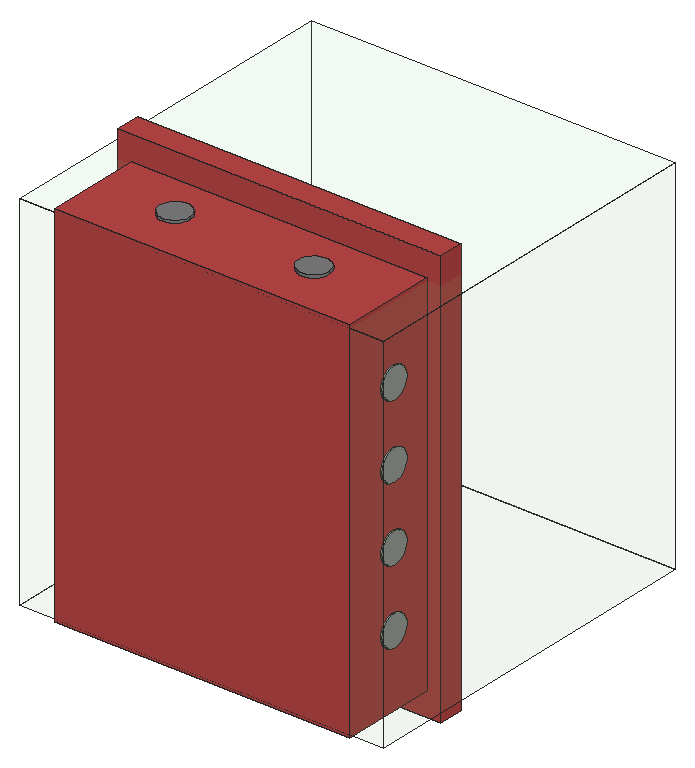
Revit family "ZETA_Коробка_Клемная_КЗНС-32", category Электрические приборы, Revit 2021
Family settings
  Сохранять ориентацию аннотаций = Нет
  Размер круглого соединителя = Использовать диаметр
  Тип детали = Нормальный
  На основе рабочей плоскости = Да
  Всегда вертикально = Да
  При загрузке вырезать с полостями = Нет
  Общий = Нет
  Точка принадлежности помещению = Да
Parameters (values of type "32_IP65")
  Угол_Размещение [instance] = if(Потолочное размещение, -90.00°, 0.00°)  # 0.00°
  УГО_Смещение_Y [instance] = 0 mm
  УГО_Смещение_X [instance] = 0 mm
  УГО_Длина = 10 mm
  УГО_Высота = 5 mm
  Default Elevation = 1219.2 mm
  Описание = "Коробки клеммные с наборными зажимами КЗНС с латунными кабельными\r\nвводами применяются для соединения и разветвления вторичных и силовых\r\nэлектрических цепей, выполняемых контрольными кабелями с числом жил до 52 и\r\nсиловыми кабелями с алюминиевыми или медными жилами сечением 1,5—4 мм2."
  Использовать масштаб аннотаций = 0
  Температура эксплуатации = "от -40 до +60 °С"  # constant formula
  Сечение жил = "до 4 мм2"  # constant formula
  Сертификат = "RU C-RU.АД84.В.00192/20"  # constant formula
  Потолочное размещение [instance] = no
  Питание через наконечники [instance] = yes
  Отверстие2_Привязка = 35 mm
  Отверстие1_Привязка = 35 mm
  Номинальный ток = "до 25А"  # constant formula
  Номинал MCB [instance] = 1 A
  МеталическаяЗаглушка_Привязка = 100 mm
  Материал корпуса = Zeta_Сталь оцинкованная
  Маркировка типоразмера = ""
  Марка = "1"
  КрышкаОснование_Ширина = ADSK_Размер_Ширина * 0.74286  # 197.6 mm
  КрышкаОснование_Длина = ADSK_Размер_Длина * 0.7907  # 272.791 mm
  КрышкаВерх_Ширина = ADSK_Размер_Ширина * 0.51429  # 136.8 mm
  КрышкаВерх_Длина = ADSK_Размер_Длина * 0.60465  # 208.605 mm
  Крышка_Ширина = ADSK_Размер_Ширина * 2.292  # 609.672 mm
  Крышка_Длина = ADSK_Размер_Длина * 2.6791  # 924.279 mm
  Крышка_Высота = 16 mm
  Крепления_Ширина = ADSK_Размер_Ширина * 0.33143  # 88.16 mm
  Крепления_Длина = ADSK_Размер_Длина * 1.1116  # 383.512 mm
  Корпус_Ширина = ADSK_Размер_Ширина * 0.89143  # 237.12 mm
  Корпус_Длина = ADSK_Размер_Длина * 0.91163  # 314.512 mm
  Корпус_Высота = 71 mm
  Комментарии = "https://nzeta.ru/catalog/?q=zeta30357"
  Количество зажимов = 10  # constant formula
  Климатическое исполнение = "УХЛ1,5"
  Изображение = 0
  Изготовитель = "АО «ЗЭТА»"  # constant formula
  Изготавливается по = "ТУ 27.33.13.120-047-99856433-2020"  # constant formula
  Активные наконечники [instance] = yes
  URL = "https://nzeta.ru/"
  D3 = 40 mm
  D2 = 32 mm
  D1 = 25 mm
  В_УГО_Смещение_Y [instance] = УГО_Смещение_Y + 2000 mm  # 2000 mm
  В_УГО_Смещение_X [instance] = УГО_Смещение_X + 2000 mm  # 2000 mm
  ADSK_Ток = 0 A
  ADSK_Степень защиты_IP = "IP65"
  ADSK_Размер_Ширина = 266 mm
  ADSK_Размер_УголПоворота [instance] = Угол_Размещение  # 0.00°
  ADSK_Размер_Длина = 345 mm
  ADSK_Размер_Высота = 106 mm
  ADSK_Примечание [instance] = ""
  ADSK_Полная мощность = 0 VA
  ADSK_Позиция на схеме [instance] = ""
  ADSK_Позиция [instance] = ""
  ADSK_Обозначение = "KK"  # constant formula
  ADSK_Номинальная мощность = 0 W
  ADSK_Номер стояка = ""
  ADSK_Напряжение = 230 V
  ADSK_Наименование краткое = "КЗНС-32"  # constant formula
  ADSK_Наименование = "Коробка с зажимами наборными КЗНС-32 УХЛ1,5  IP65  латунный ввод ГОФРОМАТИК"
  ADSK_Материал наименование = "Сталь оцинкованная"  # constant formula
  ADSK_Масса_Текст = "5.3"
  ADSK_Масса = 5.3
  ADSK_Марка = "КК КЗНС-32 УХЛ1,5 IP65"
  ADSK_Коэффициент мощности = 1
  ADSK_Количество фаз числовое = 1
  ADSK_Количество фаз = 1
  ADSK_Количество = 1  # constant formula
  ADSK_Код изделия = "zeta30319"
  ADSK_Классификация нагрузок = Прочее
  ADSK_Завод-изготовитель = "АО «ЗЭТА»"  # constant formula
  ADSK_Единица измерения = "шт"  # constant formula
  ADSK_Версия семейства = "v.1"  # constant formula
  ADSK_Версия Revit = "2021"  # constant formula
  ADSK_URL страницы изделия = "https://nzeta.ru/catalog/?q=zeta30319"
  ADSK_URL документации изделия = "https://nzeta.ru/upload/uf/443/uat11az3ko5nsjnhbhasbqeettl4f1eu/passport.pdf"
Types (2, lengths in mm): name | Климатическое исполнение | ADSK_Степень защиты_IP | ADSK_Наименование | ADSK_Масса_Текст | ADSK_Масса | ADSK_Марка | ADSK_Код изделия | ADSK_URL страницы изделия | ADSK_URL документации изделия
  32_IP54 | "У2" | "IP54" | "Коробка с зажимами наборными КЗНС-32 У2 IP54  пластиковый ввод ГОФРОМАТИК" | "4.8" | 4.8 | "КК КЗНС-32 У2 IP54" | "zeta30357" | "https://nzeta.ru/catalog/?q=zeta30357" | "https://nzeta.ru/upload/uf/382/q9uo9y7ey92gepgz36lqj6r1a9hbqpd0/passport.pdf"
  32_IP65 | "УХЛ1,5" | "IP65" | "Коробка с зажимами наборными КЗНС-32 УХЛ1,5  IP65  латунный ввод ГОФРОМАТИК" | "5.3" | 5.3 | "КК КЗНС-32 УХЛ1,5 IP65" | "zeta30319" | "https://nzeta.ru/catalog/?q=zeta30319" | "https://nzeta.ru/upload/uf/443/uat11az3ko5nsjnhbhasbqeettl4f1eu/passport.pdf"
Reference planes
  plane 1 "Center (Front/Back)": y = 0
  plane 2: z = 0
  plane 3 "Center (Left/Right)": x = 0
  plane 4: x = -2000
  plane 5: y = -2000
  plane 6: x = 0
  plane 7: y = 0
Lines and regions (mm)
  reference lines
    curve 1: line (0, 0, 0) -> (0, 640, 0)
    curve 2: line (0, 0, 0) -> (0, 0, 500)
Dimensions and locks
  "В_УГО_Смещение_Y": plane 7 to plane 5
  "В_УГО_Смещение_X": plane 4 to plane 6
  locked: curve 2 to curve 1 (angle 90.00°)
  "Угол_Размещение": angle curve 2 to plane 1 "Center (Front/Back)"
  aligned and locked: level to plane 2
  aligned and locked: plane 1 "Center (Front/Back)" to curve 1
  aligned and locked: level to curve 1
  aligned and locked: plane 6 to nested 2
  aligned and locked: nested 2 to plane 7
  aligned and locked: nested 3 to curve 2
Nested families
  nested 1: "ZETA_Коробка_Клемная_КЗНА-32_IP43_Геометрия" at (0, 0, 0) x (0, 0, 1) z (0, 1, 0), Image <- "Изображение", Comments <- "Комментарии", Mark <- "Марка", type "КЗНА-32", detail levels medium+fine
  nested 2: "УГО_Клеменная_Коробка_(GenAnn)" at (0, 0, 0), УГО_Высота <- "УГО_Высота", УГО_Длина <- "УГО_Длина", ADSK_Степень защиты_IP <- "ADSK_Степень защиты_IP", ADSK_Обозначение <- "ADSK_Обозначение", type "УГО_Клеменная_Коробка_(GenAnn)", detail levels coarse+medium
    with УГО_Длина 10 mm, УГО_Высота 5 mm, ADSK_Степень защиты_IP "IP65", ADSK_Обозначение "KK"
  nested 3: "Zeta_Зона обслуживания" at (0, 150, 150) x (1, 0, 0) z (0, 1, 0), type "Зона обслуживания_Куб", detail levels medium+fine
    with Зона обслуживания_Ширина 300 mm, Зона обслуживания_Длина 300 mm, Зона обслуживания_Высота 300 mm
Connectors
  electrical at (0, 0, 0), driven by "ADSK_Количество фаз", driven by "ADSK_Классификация нагрузок", driven by "ADSK_Напряжение", driven by "ADSK_Полная мощность", driven by "ADSK_Коэффициент мощности"
    settings: on nested 1, index 15, voltage 230 V, apparent load 0 VA, apparent load phase1 0 VA, apparent load phase2 0 VA, apparent load phase3 0 VA, power factor 1, load classification "Прочее", number of poles 1, system type 30, power factor state 1, is connector primary yes, connector utility no, sub classification motor no, connector description ""
  cabletrayconduit at (-123.595, 43.588, 91.442), diameter 32, driven by "D2"
    settings: on nested 1, index 16, connector width 300 mm, connector height 300 mm, connector angle 0.00°, system type 32, placement type 0, profile type 0, connector reference index -1, is primary connector yes, connector utility param no, connector description ""
  cabletrayconduit at (-123.595, 43.588, 30.481), diameter 40, driven by "D3"
    settings: on nested 1, index 17, connector width 300 mm, connector height 300 mm, connector angle 0.00°, system type 32, placement type 0, profile type 0, connector reference index -1, is primary connector no, connector utility param no, connector description ""
  cabletrayconduit at (-123.595, 43.588, -30.481), diameter 32, driven by "D2"
    settings: on nested 1, index 18, connector width 300 mm, connector height 300 mm, connector angle 0.00°, system type 32, placement type 0, profile type 0, connector reference index -1, is primary connector no, connector utility param no, connector description ""
  cabletrayconduit at (-123.595, 43.588, -91.442), diameter 32, driven by "D2"
    settings: on nested 1, index 19, connector width 300 mm, connector height 300 mm, connector angle 0.00°, system type 32, placement type 0, profile type 0, connector reference index -1, is primary connector no, connector utility param no, connector description ""
  cabletrayconduit at (-57.269, 43.588, 154.404), diameter 25, driven by "D1"
    settings: on nested 1, index 20, connector width 300 mm, connector height 300 mm, connector angle 0.00°, system type 32, placement type 0, profile type 0, connector reference index -1, is primary connector no, connector utility param no, connector description ""
  cabletrayconduit at (57.269, 43.588, 154.404), diameter 25, driven by "D1"
    settings: on nested 1, index 21, connector width 300 mm, connector height 300 mm, connector angle 0.00°, system type 32, placement type 0, profile type 0, connector reference index -1, is primary connector no, connector utility param no, connector description ""
  cabletrayconduit at (123.524, 43.588, 91.442), diameter 25, driven by "D1"
    settings: on nested 1, index 22, connector width 300 mm, connector height 300 mm, connector angle 0.00°, system type 32, placement type 0, profile type 0, connector reference index -1, is primary connector no, connector utility param no, connector description ""
  cabletrayconduit at (123.524, 43.588, 30.481), diameter 25, driven by "D1"
    settings: on nested 1, index 23, connector width 300 mm, connector height 300 mm, connector angle 0.00°, system type 32, placement type 0, profile type 0, connector reference index -1, is primary connector no, connector utility param no, connector description ""
  cabletrayconduit at (123.524, 43.588, -30.481), diameter 25, driven by "D1"
    settings: on nested 1, index 24, connector width 300 mm, connector height 300 mm, connector angle 0.00°, system type 32, placement type 0, profile type 0, connector reference index -1, is primary connector no, connector utility param no, connector description ""
  cabletrayconduit at (123.524, 43.588, -91.442), diameter 25, driven by "D1"
    settings: on nested 1, index 25, connector width 300 mm, connector height 300 mm, connector angle 0.00°, system type 32, placement type 0, profile type 0, connector reference index -1, is primary connector no, connector utility param no, connector description ""
  cabletrayconduit at (-57.269, 43.588, -154.404), diameter 25, driven by "D1"
    settings: on nested 1, index 26, connector width 300 mm, connector height 300 mm, connector angle 0.00°, system type 32, placement type 0, profile type 0, connector reference index -1, is primary connector no, connector utility param no, connector description ""
  cabletrayconduit at (57.269, 43.588, -154.404), diameter 25, driven by "D1"
    settings: on nested 1, index 27, connector width 300 mm, connector height 300 mm, connector angle 0.00°, system type 32, placement type 0, profile type 0, connector reference index -1, is primary connector no, connector utility param no, connector description ""
Definition of nested family "ZETA_Коробка_Клемная_КЗНА-32_IP43_Геометрия"
  Parameters (values of type "КЗНА-32")
    Привязки_Штуцер = 177.786 mm
    Default Elevation = 1219.2 mm
    Основание_Ширина = ADSK_Размер_Ширина * 0.9142  # 243.177 mm
    Основание_Длина = ADSK_Размер_Длина * 0.8835  # 304.808 mm
    Manufacturer = "АО \"ЗЭТАРУС\""
    D4 = 40 mm
    D3 = 20 mm
    D2 = 32 mm
    D1 = 25 mm
    ADSK_Размер_Ширина = 266 mm
    ADSK_Размер_Длина = 345 mm
    ADSK_Размер_Высота = 107 mm
  Reference planes
    plane 1 "По центру (Вперед/Назад)": y = 0
    plane 2: z = 0
    plane 3 "По центру (Влево/Вправо)": x = 0
    plane 4: x = -152.404
    plane 5: x = 152.404
    plane 6: y = -121.589
    plane 7: y = 121.589
    plane 8: x = -172.5
    plane 9: y = -133
    plane 10: x = 172.5
    plane 11: y = 133
    plane 12: z = 107
    plane 13: z = 79.822
    plane 14: y = -57.269
    plane 15: y = 57.269
    plane 16: z = 43.588
    plane 17: y = -123.595
    plane 18: y = 123.524
    plane 19: x = -30.481
    plane 20: x = -91.442
    plane 21: x = 30.481
    plane 22: x = 91.442
    plane 23: x = 154.404
  Forms (mm)
    Extrusion 1, solid
      sketch origin (0, 0, 0) x (1, 0, 0) y (0, 1, 0)
        loop
          line (-152.404, 121.589) -> (-152.404, -121.589) -> (152.404, -121.589) -> (152.404, 121.589) -> (-152.404, 121.589)
      from 0 to 79.822
    Extrusion 2, solid
      sketch origin (0, 0, 0) x (1, 0, 0) y (0, 1, 0)
        loop
          line (-172.5, 133) -> (-172.5, -133) -> (172.5, -133) -> (172.5, 133) -> (-172.5, 133)
      from 100 to 79.822
    Extrusion 3, solid
      sketch origin (0, 0, 0) x (1, 0, 0) y (0, 0, 1)
        loop
          circle (-91.442, 43.588) r 16
      from 121.589 to 123.595
    Extrusion 4, solid
      sketch origin (43.5, 0, 0) x (1, 0, 0) y (0, 0, 1)
        loop
          circle (-73.981, 43.588) r 16
      from 123.595 to 121.589
    Extrusion 5, solid
      sketch origin (117, 0, 0) x (1, 0, 0) y (0, 0, 1)
        loop
          circle (-86.519, 43.588) r 20
      from 123.595 to 121.589
    Extrusion 6, solid
      sketch origin (85.899, 167.006, 14.478) x (1, 0, 0) y (0, 0, 1)
        loop
          circle (-116.38, 29.11) r 12.5
      from 43.482 to 45.417
    Extrusion 7, solid
      sketch origin (26.528, 167.006, 14.478) x (1, 0, 0) y (0, 0, 1)
        loop
          circle (-117.97, 29.11) r 12.5
      from 43.482 to 45.417
    Extrusion 8, solid
      sketch origin (142.642, 206.667, 14.478) x (1, 0, 0) y (0, 0, 1)
        loop
          circle (-112.162, 29.11) r 12.5
      from 85.079 to 83.144
    Extrusion 9, solid
      sketch origin (197.414, 210.537, 14.478) x (1, 0, 0) y (0, 0, 1)
        loop
          circle (-105.972, 29.11) r 12.5
      from 87.014 to 88.949
    Extrusion 10, solid
      sketch origin (177.962, 0, 0) x (1, 0, 0) y (0, 0, 1)
        loop
          circle (-86.519, 43.588) r 16
      from 123.595 to 121.589
    Extrusion 11, solid
      sketch origin (152.404, 121.589, 0) x (0, -1, 0) y (0, 0, -1)
        loop
          circle (178.857, -43.588) r 12.5
      from 0 to 2
    Extrusion 12, solid
      sketch origin (152.404, 236.126, 0) x (0, -1, 0) y (0, 0, -1)
        loop
          circle (178.857, -43.588) r 12.5
      from 0 to 2
    Extrusion 13, solid
      sketch origin (-154.404, 236.126, 0) x (0, -1, 0) y (0, 0, -1)
        loop
          circle (178.857, -43.588) r 12.5
      from 0 to 2
    Extrusion 14, solid
      sketch origin (-154.404, 121.589, 0) x (0, -1, 0) y (0, 0, -1)
        loop
          circle (178.857, -43.588) r 12.5
      from 0 to 2
  Dimensions and locks
    equal spacing: plane 4, plane 3 "По центру (Влево/Вправо)", plane 5
    equal spacing: plane 7, plane 1 "По центру (Вперед/Назад)", plane 6
    "Основание_Ширина": plane 7 to plane 6
    "Основание_Длина": plane 4 to plane 5
    equal spacing: plane 11, plane 1 "По центру (Вперед/Назад)", plane 9
    equal spacing: plane 8, plane 3 "По центру (Влево/Вправо)", plane 10
    "ADSK_Размер_Ширина": plane 11 to plane 9
    "ADSK_Размер_Длина": plane 8 to plane 10
    "ADSK_Размер_Высота": plane 12 to level
    locked: plane 6 to plane 17 at 2.006
    locked: plane 18 to plane 7 at 1.935
    equal spacing: plane 4, plane 20, plane 19, plane 21, plane 22, plane 5
    equal spacing: plane 15, plane 1 "По центру (Вперед/Назад)", plane 14
    plane 5 to plane 23 = 2 mm
    "D2": diameter of Extrusion 3 sketch curve
    "D2": diameter of Extrusion 4 sketch curve
    "D4": diameter of Extrusion 5 sketch curve
    "D1": diameter of Extrusion 6 sketch curve
    "D1": diameter of Extrusion 7 sketch curve
    "D1": diameter of Extrusion 8 sketch curve
    "D1": diameter of Extrusion 9 sketch curve
    "D2": diameter of Extrusion 10 sketch curve
    "D1": diameter of Extrusion 11 sketch curve
    "D1": diameter of Extrusion 12 sketch curve
    "D1": diameter of Extrusion 13 sketch curve
    "D1": diameter of Extrusion 14 sketch curve
    aligned and locked: level to plane 2
    aligned and locked: Extrusion 1 sketch curve to plane 7
    aligned and locked: plane 4 to Extrusion 1 sketch curve
    aligned and locked: plane 6 to Extrusion 1 sketch curve
    aligned and locked: Extrusion 1 sketch curve to plane 5
    aligned and locked: Extrusion 2 sketch curve to plane 11
    aligned and locked: plane 8 to Extrusion 2 sketch curve
    aligned and locked: plane 9 to Extrusion 2 sketch curve
    aligned and locked: Extrusion 2 sketch curve to plane 10
    aligned and locked: Extrusion 2 to plane 13
    aligned and locked: Extrusion 1 to Extrusion 2
    aligned and locked: plane 16 to Extrusion 3 sketch curve
    aligned and locked: plane 6 to Extrusion 3
    aligned and locked: Extrusion 3 to plane 17
    aligned and locked: plane 18 to Extrusion 6
    aligned and locked: Extrusion 6 to plane 7
    aligned and locked: Extrusion 4 to Extrusion 1
    aligned and locked: Extrusion 4 to plane 17
    aligned and locked: Extrusion 5 to Extrusion 1
    aligned and locked: Extrusion 5 to plane 17
    aligned and locked: plane 16 to Extrusion 5 sketch curve
    aligned and locked: plane 16 to Extrusion 6 sketch curve
    aligned and locked: plane 19 to Extrusion 6 sketch curve
    aligned and locked: plane 7 to Extrusion 7
    aligned and locked: plane 18 to Extrusion 7
    aligned and locked: Extrusion 9 to plane 7
    aligned and locked: plane 18 to Extrusion 9
    aligned and locked: plane 22 to Extrusion 9 sketch curve
    aligned and locked: plane 21 to Extrusion 8 sketch curve
    aligned and locked: plane 20 to Extrusion 7 sketch curve
    aligned and locked: plane 20 to Extrusion 3 sketch curve
    aligned and locked: plane 19 to Extrusion 4 sketch curve
    aligned and locked: plane 21 to Extrusion 5 sketch curve
    aligned and locked: plane 22 to Extrusion 10 sketch curve
    aligned and locked: plane 15 to Extrusion 12 sketch curve
    aligned and locked: plane 23 to Extrusion 12
    aligned and locked: plane 23 to Extrusion 11
  Automatic sketch dimensions
    Extrusion 4 sketch curve to plane 16 = 0 mm
    Extrusion 7 sketch curve to plane 16 = 0 mm
    Extrusion 8 sketch curve to plane 16 = 0 mm
    Extrusion 9 sketch curve to plane 16 = 0 mm
    Extrusion 10 sketch curve to plane 16 = 0 mm
    Extrusion 1 to Extrusion 11 sketch curve = 64.32 mm
    Extrusion 1 to Extrusion 11 sketch curve = 36.234 mm
    Extrusion 1 to Extrusion 12 sketch curve = 36.234 mm
    Extrusion 13 sketch curve to plane 15 = 0 mm
    Extrusion 13 sketch curve to plane 16 = 0 mm
    Extrusion 14 sketch curve to plane 14 = 0 mm
    Extrusion 14 sketch curve to plane 16 = 0 mm
Definition of nested family "Zeta_Зона обслуживания"
  Parameters (values of type "Зона обслуживания_Куб")
    Default Elevation = 1219.2 mm
    Зона обслуживания_Ширина [instance] = 300 mm
    Зона обслуживания_Длина [instance] = 300 mm
    Зона обслуживания_Высота [instance] = 300 mm
  Reference planes
    plane 1 "По центру (Вперед/Назад)": y = 0
    plane 2: z = 0
    plane 3 "По центру (Влево/Вправо)": x = 0
    plane 4: x = -150
    plane 5: x = 150
    plane 6: y = 300
    plane 7: z = 150
    plane 8: z = -150
  Forms (mm)
    Extrusion 1, solid
      sketch origin (0, 0, 0) x (1, 0, 0) y (0, 1, 0)
        loop
          line (-150, 300) -> (-150, 0) -> (150, 0) -> (150, 300) -> (-150, 300)
      from -150 to 150
  Dimensions and locks
    equal spacing: plane 4, plane 3 "По центру (Влево/Вправо)", plane 5
    "Зона обслуживания_Ширина": plane 6 to plane 1 "По центру (Вперед/Назад)"
    "Зона обслуживания_Длина": plane 4 to plane 5
    equal spacing: plane 7, level, plane 8
    "Зона обслуживания_Высота": plane 7 to plane 8
    aligned and locked: level to plane 2
    aligned and locked: Extrusion 1 sketch curve to plane 6
    aligned and locked: plane 4 to Extrusion 1 sketch curve
    aligned and locked: Extrusion 1 sketch curve to plane 5
    aligned and locked: Extrusion 1 to plane 8
    aligned and locked: plane 7 to Extrusion 1
    aligned and locked: plane 1 "По центру (Вперед/Назад)" to Extrusion 1
  Automatic sketch dimensions
    plane 1 "По центру (Вперед/Назад)" to Extrusion 1 sketch curve = 0 mm
Definition of nested family "УГО_Клеменная_Коробка_(GenAnn)"
  Parameters (values of type "УГО_Клеменная_Коробка_(GenAnn)")
    УГО_Длина [instance] = 10 mm
    УГО_Высота [instance] = 5 mm
    ADSK_Степень защиты_IP [instance] = ""
    ADSK_Обозначение [instance] = ""
  Reference planes
    plane 1: y = 0
    plane 2: x = 0
  Lines and regions (mm)
    Filled region 1, type "Filled region 1"
      outline origin (0, 0, 0) x (1, 0, 0) y (0, 1, 0)
        loop
          line (-5, 2.5) -> (-5, -2.5) -> (5, -2.5) -> (5, 2.5) -> (-5, 2.5)
    reference lines
      curve 1: line (-5, 2.5, 0) -> (-5, -2.5, 0)
      curve 2: line (-5, -2.5, 0) -> (5, -2.5, 0)
      curve 3: line (5, 2.5, 0) -> (5, -2.5, 0)
      curve 4: line (-5, 2.5, 0) -> (5, 2.5, 0)
  Text (mm)
    label "KK IP 54" at (0.033, -0.03, 0), shows "ADSK_Обозначение", "ADSK_Степень защиты_IP"
  Dimensions and locks
    equal spacing: curve 1, plane 2, curve 3
    equal spacing: curve 2, plane 1, curve 4
    "УГО_Длина": curve 1 to curve 3
    "УГО_Высота": curve 2 to curve 4
    aligned and locked: Filled region 1 sketch curve to curve 4
    aligned and locked: Filled region 1 sketch curve to curve 1
    aligned and locked: Filled region 1 sketch curve to curve 2
    aligned and locked: Filled region 1 sketch curve to curve 3
